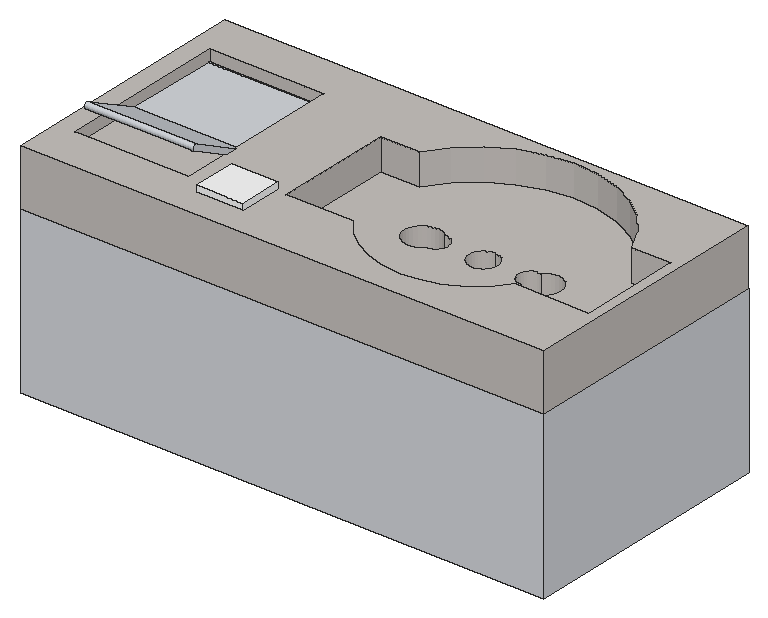
Revit family "Domotics-DomesticRanges-GEWISS-CHORUS_POWER-SOCKET-OUTLET_ITADEU_RCBO", category Apparecchi elettrici, host Superficie, Revit 2016
Family settings
  Host = Superficie
  Mantenere orientamento annotazione = Sì
  Tipo di parte = Normale
  Quota connettore circolare = Usa diametro
  Taglio con vuoti quando caricato = Sì
  Condiviso = Sì
  Punto di calcolo locali = Sì
Parameters (values of type "GW14322 - INT SOC+R.M.C.BR. 4M 1P+N 16A P30/17/11T")
  Wiring terminals = "With screw"
  Voltage: = "230V ac"
  Version file RFA = "19.0"
  VISIBILITA' SIMBOLO [instance] = yes
  VISIBILITA' BORDO [instance] = yes
  URL = "https://www.gewiss.com/ww/en"
  Type: = "Interlocked"
  Thermo-pressure with ball = "125 °C"
  Terminal tightening capacity rigid cables (mm2) = "min. 0,5 - max. 2x2,5"
  Terminal tightening capacity flexible cables (mm2) = "min. 0,75 - max. 2x4"
  Terminal grip on cable traction = "&gt; 50 N"
  Technical sheet = "https://www.gewiss.com/ww/en/search?q=GW14322"
  Standard; = "IEC 60884-1; EN 61009-1; EN 61008-1"
  Standard: = "English"
  Spostamento_x [instance] = 2476 mm
  Spostamento_effettivo x [instance] = 4000 mm - Spostamento_x  # 1524 mm
  Socket-out type = "P40"
  SEO = "Socket outlet"
  Resistance at test voltage = "2000 V at 50 Hz for 1 minute"
  Realized by GEWISS S.p.A. = ""
  Protection = "Miniature circuit breaker + residual current device"
  Default Elevation = 1219.2 mm
  Prolonged operation (no.of position changes) = "10.000 at In 250 V ac cosØ=0,8"
  Produttore = "GEWISS S.p.A."
  Ofset presa [instance] = 0 mm
  Ofset bidimensionale [instance] = 2 mm
  No. Chorus modules: = "4"
  Modello = "GW14322"
  Miniature circuit breakers = "1P+N 16A"
  Insulation resistance = "&gt; 5 MOhm"
  Idn = "10MA"
  IDT = "e6612f92-24f5-4fa8-8dbd-28f08fe27080"
  IDF = "ae46ce6d-9601-4703-b9c2-fed7680ff1dc"
  Glow Wire Test = "850°C"
  Fronte presa = Titanio
  Electrocod = "0131                "
  EAN code = "8011564266728"
  Descrizione = "INT SOC+R.M.C.BR. 4M 1P+N 16A P30/17/11T"
  Description: = "2P+E - 16A"
  Description. = "Dual amperage interlocked socket-outlet"
  Corpo presa = none
  Colour = "Titanium"
  Category = "Dual amperage interlocked socket-outlet"
  Catalogue Range = "CHORUS - DOMESTIC RANGE"
  Catalogue = "DOMOTICS"
  COBie.Tagnumber = ""
  COBie.CreatedOn = ""
  COBie.CreatebBy = ""
  COBie.ComponentRegisterItemID = ""
  COBie.Component.TagNumber = ""
  COBie.Component.Space = ""
  COBie.Component.SerialNumber = ""
  COBie.Component.InstallationDate = ""
  COBie.Component.Description = ""
  COBie.Component.BarCode = ""
  Breaking capacity: = "1.25 In (100 position changes)"
  Breaking capacity = "3KA"
Types (3, lengths in mm): name | Technical sheet | Modello | IDT | Fronte presa | EAN code | Descrizione | Colour
  GW10322 - INT S.O. 4M 2P+E 16A P30/17-RCCB 1P+N  W | "https://www.gewiss.com/ww/en/search?q=GW10322" | "GW10322" | "b95d2050-ccba-4712-a7ce-4bdfe02389be" | Bianco | "8011564262492" | "INT S.O. 4M 2P+E 16A P30/17-RCCB 1P+N  W" | "White"
  GW12322 - INT SOC+R.M.C.BR. 4M 1P+N 16A P30/17/11B | "https://www.gewiss.com/ww/en/search?q=GW12322" | "GW12322" | "37f69259-af35-4a6c-853a-4f556129f561" | Nero | "8011564267350" | "INT SOC+R.M.C.BR. 4M 1P+N 16A P30/17/11B" | "Black"
  GW14322 - INT SOC+R.M.C.BR. 4M 1P+N 16A P30/17/11T | "https://www.gewiss.com/ww/en/search?q=GW14322" | "GW14322" | "e6612f92-24f5-4fa8-8dbd-28f08fe27080" | Titanio | "8011564266728" | "INT SOC+R.M.C.BR. 4M 1P+N 16A P30/17/11T" | "Titanium"
Reference planes
  plane 1 "Centro (Fronte/Retro)": y = 0
  plane 2: z = 0
  plane 3 "Centro (Sinistra/Destra)": x = 0
  plane 4: x = -1524
  plane 5: x = 0
  plane 6: z = 0
  plane 7 "2d": z = 41
  plane 8: z = 39
Lines and regions (mm)
  Masking region 1, detail levels coarse
    outline origin (0, 0, 0) x (1, 0, 0) y (0, 0, 1)
      loop
        line (-46, 39) -> (-46, 0) -> (46, 0) -> (46, 39) -> (-46, 39)
  Masking region 2, detail levels coarse
    outline origin (0, 0, 0) x (0, 1, 0) y (0, 0, 1)
      loop
        line (-22.5, 39) -> (-22.5, 0) -> (22.5, 0) -> (22.5, 39) -> (-22.5, 39)
Dimensions and locks
  plane 4 to plane 3 "Centro (Sinistra/Destra)" = 1524 mm
  "Spostamento_effettivo x": plane 4 to plane 5
  "Ofset bidimensionale": plane 7 "2d" to plane 8
  "Ofset presa": plane 6 to plane 2
  locked: plane 8 to plane 6 at 39
  aligned and locked: plane 2 to host face
  aligned and locked: level to host face
  aligned and locked: plane 3 "Centro (Sinistra/Destra)" to nested 1
  aligned and locked: plane 1 "Centro (Fronte/Retro)" to nested 1
  aligned and locked: nested 1 to plane 6
  aligned and locked: plane 5 to nested 2
  aligned and locked: nested 1 to plane 8
  aligned and locked: plane 7 "2d" to nested 3
  aligned and locked: Masking region 1 sketch curve to nested 1  (x2)
  aligned and locked: Masking region 1 sketch curve to plane 6
  aligned and locked: Masking region 1 sketch curve to plane 8
Automatic sketch dimensions
  host sketch curve to host sketch curve = 2438.4 mm  (x2)
  plane 1 "Centro (Fronte/Retro)" to Masking region 2 sketch curve = 22.5 mm
  Masking region 2 sketch curve to plane 1 "Centro (Fronte/Retro)" = 22.5 mm
  Masking region 2 sketch curve to plane 8 = 0 mm
  Masking region 2 sketch curve to plane 6 = 0 mm
Nested families
  nested 1: "ITAGER_ChORUS PRESA ITA IB MAGNETOT" at (0, 0, 0), type "ITAGER_ChORUS PRESA ITA IB MAGNETOT", detail levels medium+fine
  nested 2: "16" at (0, 129.09, 0), type "16"
  nested 3: "DIFF - ITAGER2D" at (0, -22.5, 41), type "DIFF - ITAGER2D", detail levels coarse
Definition of nested family "ITAGER_ChORUS PRESA ITA IB MAGNETOT"
  Parameters (values of type "ITAGER_ChORUS PRESA ITA IB MAGNETOT")
    corpo = none
    L = 92 mm
    H = 45 mm
    Fronte = none
  Reference planes
    plane 1 "Centro (Fronte/Retro)": y = 0
    plane 2: z = 0
    plane 3 "Centro (Sinistra/Destra)": x = 0
    plane 4: x = -46
    plane 5: y = -22.5
    plane 6: x = 46
    plane 7: y = 22.5
    plane 8: z = 29
    plane 9: z = 39
    plane 10: x = 36.986
    plane 11: x = -42.563
    plane 12: z = 33.442
    plane 13: y = 14.84
    plane 14: y = -14.84
    plane 15: y = -13.84
    plane 16: y = 13.84
    plane 17: x = -41.563
    plane 18: z = 36.97
    plane 19: y = -9.771
    plane 20: x = 13.621
    plane 21: y = -19.154
    plane 22: z = 40
  Forms (mm)
    Extrusion 1, solid, material <- "corpo"
      sketch origin (0, 0, 0) x (1, 0, 0) y (0, 0, 1)
        loop
          line (-46, 0) -> (46, 0) -> (46, 29) -> (-46, 29) -> (-46, 0)
      from -22.5 to 22.5
    Extrusion 2, solid, material <- "Fronte"
      sketch origin (0, 0, 0) x (1, 0, 0) y (0, 0, 1)
        loop
          line (-46, 29) -> (46, 29) -> (46, 39) -> (-46, 39) -> (-46, 29)
      from -22.5 to 22.5
    Extrusion 3, void
      sketch origin (11.74, -25.337, 0) x (-0.001383, 0.999999, 0) y (-0.999999, -0.001383, 0)
        loop
          arc (27.325, 2.72) -> (25.006, 7.933) -> (22.976, 2.601) r 3.086
          arc (22.976, 2.601) -> (25.215, 0.31) -> (27.325, 2.72) r 2.182
        loop
          circle (25.212, -5.841) r 2.568
        loop
          arc (22.953, -14.265) -> (24.968, -19.603) -> (27.302, -14.396) r 3.086
          arc (27.302, -14.396) -> (25.198, -11.98) -> (22.953, -14.265) r 2.182
      from 29 to 39
    Extrusion 4, void
      sketch origin (0, 0, 0) x (1, 0, 0) y (0, 1, 0)
        loop
          line (-42.563, -14.84) -> (-22.441, -14.84) -> (-22.441, 14.84) -> (-42.563, 14.84) -> (-42.563, -14.84)
      from 36.97 to 39
    Extrusion 5, solid
      sketch origin (0, 0, 0) x (0, 1, 0) y (0, 0, 1)
        loop
          line (-13.561, 42.472) -> (-3.044, 36.97) -> (13.277, 36.97)
          arc (13.277, 36.97) -> (13.777, 37.47) -> (13.277, 37.97) r 0.5
          line (13.277, 37.97) -> (-2.798, 37.97) -> (-13.097, 43.358)
          arc (-13.097, 43.358) -> (-13.772, 43.147) -> (-13.561, 42.472) r 0.5
      from -41.563 to -22.441
    Extrusion 6, void
      sketch origin (0, 0, 0) x (1, 0, 0) y (0, 1, 0)
        loop
          line (44.329, 7.578) -> (37.393, 7.578)
          arc (37.393, 7.578) -> (18.538, 21.187) -> (-2.061, 10.401) r 22.107
          line (-2.061, 10.401) -> (-8.998, 10.401) -> (-8.998, -10.396) -> (2.701, -10.396)
          arc (2.701, -10.396) -> (16.961, -18.016) -> (31.22, -10.396) r 17.152
          line (31.22, -10.396) -> (44.329, -10.396) -> (44.329, 7.578)
      from 33.442 to 39
    Extrusion 7, solid
      sketch origin (0, 0, 0) x (1, 0, 0) y (0, 1, 0)
        loop
          line (-19.01, -17.409) -> (-10.885, -17.409) -> (-10.885, -9.771) -> (-19.01, -9.771) -> (-19.01, -17.409)
      from 36.97 to 40
  Cuts and joins
    Extrusion 3, Extrusion 4, Extrusion 6 cuts Extrusion 1
    Extrusion 3, Extrusion 4, Extrusion 6 cuts Extrusion 2
  Dimensions and locks
    equal spacing: plane 7, plane 1 "Centro (Fronte/Retro)", plane 5
    equal spacing: plane 4, plane 3 "Centro (Sinistra/Destra)", plane 6
    locked: plane 8 to plane 2 at 29
    locked: plane 9 to plane 8 at 10
    "L": plane 4 to plane 6
    "H": plane 7 to plane 5
    locked: plane 10 to plane 6 at 9.014
    locked: plane 4 to plane 11 at 3.437
    locked: plane 9 to plane 12 at 5.558
    equal spacing: plane 14, plane 1 "Centro (Fronte/Retro)", plane 13
    plane 14 to plane 13 = 29.68 mm
    locked: plane 16 to plane 13 at 1
    locked: plane 14 to plane 15 at 1
    locked: plane 11 to plane 17 at 1
    locked: plane 18 to plane 9 at 2.03
    locked: plane 21 to plane 5 at 3.346
    locked: plane 21 to plane 19 at 9.383
    locked: plane 22 to plane 9 at 1
    aligned and locked: level to plane 2
    aligned and locked: Extrusion 1 sketch curve to plane 4
    aligned and locked: Extrusion 1 sketch curve to plane 6
    aligned and locked: Extrusion 1 sketch curve to plane 8
    aligned and locked: Extrusion 1 sketch curve to plane 2
    aligned and locked: Extrusion 2 sketch curve to plane 8
    aligned and locked: Extrusion 2 sketch curve to plane 9
    aligned and locked: Extrusion 2 sketch curve to plane 4
    aligned and locked: Extrusion 2 sketch curve to plane 6
    aligned and locked: plane 7 to Extrusion 2
    aligned and locked: Extrusion 2 to plane 5
    aligned and locked: Extrusion 1 to plane 5
    aligned and locked: Extrusion 2 to plane 7
    aligned and locked: plane 7 to Extrusion 1
    aligned and locked: plane 9 to Extrusion 3
    aligned and locked: Extrusion 4 sketch curve to plane 11
    aligned and locked: Extrusion 4 sketch curve to plane 14
    aligned and locked: Extrusion 4 sketch curve to plane 13
    aligned and locked: plane 9 to Extrusion 4
    aligned and locked: plane 17 to Extrusion 5
    aligned and locked: plane 9 to Extrusion 6
    aligned and locked: Extrusion 3 to plane 8
    aligned and locked: cut or joined group of Extrusion 2, Extrusion 3, Extrusion 4, Extrusion 6 to Extrusion 7
    aligned and locked: plane 22 to Extrusion 7
  Automatic sketch dimensions
    Extrusion 4 sketch curve to plane 3 "Centro (Sinistra/Destra)" = 22.441 mm
    plane 18 to Extrusion 5 sketch curve = 0 mm
    Extrusion 5 sketch curve to plane 15 = 0.279 mm
    Extrusion 5 sketch curve to Extrusion 5 sketch curve = 0.232 mm  (x2)
    plane 1 "Centro (Fronte/Retro)" to Extrusion 5 sketch curve = 3.044 mm
    Extrusion 5 sketch curve to Extrusion 5 sketch curve = 0.246 mm
    plane 16 to Extrusion 5 sketch curve = 0.563 mm
    Extrusion 5 sketch curve to Extrusion 5 sketch curve = 0.5 mm
    plane 22 to Extrusion 5 sketch curve = 2.472 mm
    Extrusion 5 sketch curve to Extrusion 5 sketch curve = 0.443 mm
    Extrusion 6 sketch curve to plane 3 "Centro (Sinistra/Destra)" = 2.061 mm
    Extrusion 6 sketch curve to Extrusion 6 sketch curve = 6.937 mm
    Extrusion 6 sketch curve to plane 19 = 0.625 mm  (x2)
    plane 6 to Extrusion 6 sketch curve = 1.671 mm
    plane 10 to Extrusion 6 sketch curve = 0.406 mm
    Extrusion 6 sketch curve to Extrusion 6 sketch curve = 0 mm  (x2)
    plane 16 to Extrusion 6 sketch curve = 3.439 mm
    Extrusion 7 sketch curve to plane 19 = 0 mm
    Extrusion 7 sketch curve to plane 3 "Centro (Sinistra/Destra)" = 19.01 mm
    Extrusion 7 sketch curve to Extrusion 7 sketch curve = 8.125 mm
    Extrusion 7 sketch curve to plane 21 = 1.745 mm
Definition of nested family "16"
  Parameters (values of type "16")
    simbolo = yes
    Bordo = yes
  Reference planes
    plane 1: y = 0
    plane 2: x = 0
  Lines and regions (mm)
    detail lines, visible <- "Bordo"
      curve 1: line (1.146, 1.953, 0) -> (-1.146, 1.953, 0)
      curve 2: line (-1.146, 1.953, 0) -> (-1.146, 5.078, 0)
      curve 3: line (-1.146, 5.078, 0) -> (1.146, 5.078, 0)
      curve 4: line (1.146, 5.078, 0) -> (1.146, 1.953, 0)
    detail lines, visible <- "simbolo"
      curve 5: line (0.938, 3.516, 0) -> (-0.937, 3.516, 0)
      curve 6: line (0, 3.516, 0) -> (0, 2.578, 0)
      curve 7: line (0, 3.516, 0) -> (-0.402, 2.578, 0)
      curve 8: line (-0.402, 2.578, 0) -> (-0.716, 2.713, 0)
      curve 9: line (0, 3.139, 0) -> (-0.118, 3.021, 0)
      curve 10: line (0, 3.209, 0) -> (-0.188, 3.021, 0)
      curve 11: line (0, 3.278, 0) -> (-0.178, 3.1, 0)
      curve 12: line (0, 3.348, 0) -> (-0.126, 3.222, 0)
      curve 13: line (0, 3.021, 0) -> (-0.212, 3.021, 0)
      curve 14: line (-0.251, 2.931, 0) -> (-0.565, 3.066, 0)
      curve 15: arc (-0.937, 4.453, 0) -> (-0.663, 3.79, 0) -> (0, 3.516, 0) r 0.937
      curve 16: arc (0.937, 4.453, 0) -> (0.663, 3.79, 0) -> (0, 3.516, 0) r 0.937
  Text (mm)
    text "10/16" at (-0.689, 4.498, 0), visible <- "simbolo"
  Dimensions and locks
    curve 1 to plane 1 = 1.953 mm
Definition of nested family "DIFF - ITAGER2D"
  Reference planes
    plane 1 "Centro (Fronte/Retro)": y = 0
    plane 2: z = 0
    plane 3 "Centro (Sinistra/Destra)": x = 0
  Lines and regions (mm)
    model lines
      curve 1: circle (-32.376, 3.646, 0) r 2.191 normal (0, 0, 1)
      curve 2: arc (9.319, 24.755, 0) -> (3.35, 22.09, 0) -> (9.463, 19.772, 0) r 3.536
      curve 3: arc (9.463, 19.772, 0) -> (12.084, 22.341, 0) -> (9.319, 24.755, 0) r 2.5
      curve 4: circle (19.131, 22.348, 0) r 2.942 normal (0, 0, 1)
      curve 5: arc (28.786, 19.772, 0) -> (34.898, 22.09, 0) -> (28.929, 24.755, 0) r 3.536
      curve 6: arc (28.929, 24.755, 0) -> (26.165, 22.341, 0) -> (28.786, 19.772, 0) r 2.5
      curve 7: arc (35.138, 34.398, 0) -> (19.124, 42.444, 0) -> (3.111, 34.398, 0) r 19.959
      curve 8: arc (2.632, 10.572, 0) -> (19.124, 2.14, 0) -> (35.617, 10.572, 0) r 20.345
      curve 9: line (-32.376, 43.515, 0) -> (-32.376, 39.133, 0)
      curve 10: line (-32.376, 9.451, 0) -> (-26.242, 9.451, 0)
      curve 11: line (-26.242, 9.451, 0) -> (-24.38, 9.889, 0)
      curve 12: line (-24.38, 9.889, 0) -> (-23.285, 10.765, 0)
      curve 13: line (-23.285, 10.765, 0) -> (-22.737, 11.861, 0)
      curve 14: line (-22.737, 11.861, 0) -> (-22.08, 22.485, 0)
      curve 15: line (-22.08, 22.485, 0) -> (-22.08, 7.699, 0)
      curve 16: line (-22.08, 7.699, 0) -> (-32.376, 7.699, 0)
      curve 17: line (-32.376, 7.699, 0) -> (-42.672, 7.699, 0)
      curve 18: line (-42.672, 7.699, 0) -> (-42.672, 22.485, 0)
      curve 19: line (-42.672, 22.485, 0) -> (-22.08, 22.485, 0)
      curve 20: line (-22.08, 22.485, 0) -> (-22.08, 37.271, 0)
      curve 21: line (-22.08, 37.271, 0) -> (-32.376, 37.271, 0)
      curve 22: line (-32.376, 37.271, 0) -> (-42.672, 37.271, 0)
      curve 23: line (-42.672, 37.271, 0) -> (-42.672, 22.485, 0)
      curve 24: line (-42.672, 22.485, 0) -> (-42.014, 11.861, 0)
      curve 25: line (-42.014, 11.861, 0) -> (-41.467, 10.765, 0)
      curve 26: line (-41.467, 10.765, 0) -> (-40.371, 9.889, 0)
      curve 27: line (-40.371, 9.889, 0) -> (-38.509, 9.451, 0)
      curve 28: line (-38.509, 9.451, 0) -> (-32.376, 9.451, 0)
      curve 29: line (16.914, 42.321, 0) -> (16.914, 40.311, 0)
      curve 30: line (16.914, 40.311, 0) -> (16.914, 42.321, 0)
      curve 31: line (21.335, 42.321, 0) -> (21.335, 40.311, 0)
      curve 32: line (21.335, 40.311, 0) -> (16.914, 40.311, 0)
      curve 33: line (16.914, 2.26, 0) -> (16.914, 4.27, 0)
      curve 34: line (16.914, 4.27, 0) -> (16.914, 2.26, 0)
      curve 35: line (21.335, 2.26, 0) -> (21.335, 4.27, 0)
      curve 36: line (21.335, 4.27, 0) -> (16.914, 4.27, 0)
      curve 37: line (2.632, 10.572, 0) -> (-4.836, 10.572, 0)
      curve 38: line (-4.836, 10.572, 0) -> (-4.836, 34.398, 0)
      curve 39: line (-4.836, 34.398, 0) -> (-2.545, 34.398, 0)
      curve 40: line (-3.233, 34.398, 0) -> (3.111, 34.398, 0)
      curve 41: line (46.124, -0.015, 0) -> (-45.876, -0.015, 0)
      curve 42: line (-45.876, -0.015, 0) -> (-45.876, 44.985, 0)
      curve 43: line (-45.876, 44.985, 0) -> (46.124, 44.985, 0)
      curve 44: line (46.124, 44.985, 0) -> (46.124, -0.015, 0)
      curve 45: line (35.617, 10.572, 0) -> (43.085, 10.572, 0)
      curve 46: line (43.085, 10.572, 0) -> (43.085, 34.398, 0)
      curve 47: line (43.085, 34.398, 0) -> (40.794, 34.398, 0)
      curve 48: line (41.481, 34.398, 0) -> (35.138, 34.398, 0)
      curve 49: line (-6.489, 3.253, 0) -> (-16.033, 3.253, 0)
      curve 50: line (-16.033, 3.253, 0) -> (-16.033, 12.796, 0)
      curve 51: line (-16.033, 12.796, 0) -> (-6.489, 12.796, 0)
      curve 52: line (-6.489, 12.796, 0) -> (-6.489, 3.253, 0)
  Dimensions and locks
    aligned and locked: level to plane 2
